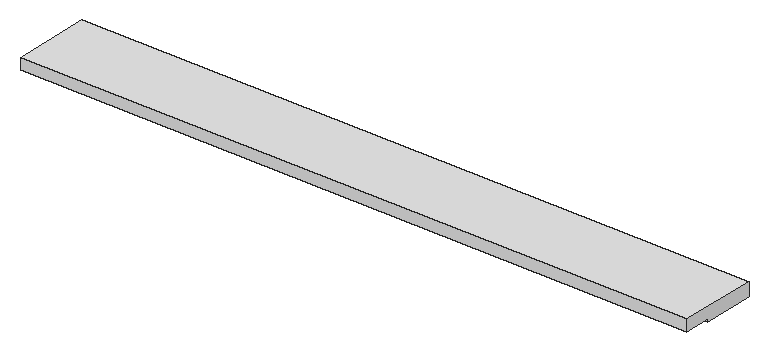
Revit family "11-TRIMBOARD-AND-STEALTH-TRIM-CADS-123-Trim-with-Flg-Slot-6-4-REVIT_Versatex-Generic-Model-5-4in-x-6in-TRIM-w-FLANGE", category Generic Models, host Face, Revit 2026
Family settings
  Host = Face
  Can host rebar = No
  Round Connector Dimension = Use Diameter
  Part Type = Normal
  Cut with Voids When Loaded = No
  Maintain Annotation Orientation = No
  Shared = No
  Room Calculation Point = No
Parameters
  Model = "NFTBSM/TR540618"
  Length = 4' - 0"
  Warranty = "https://versatex.com/warranty/"
  URL = "https://versatex.com/"
  Specification = "https://www.arcat.com/company/versatex-45716/spec?coid=45716"
  Sales Information = "https://versatex.com/dealer-locator/"
  Message Manufacturer = "https://versatex.com/contact/"
  Material = Versatex PVC - Smooth
  Manufacturer Website = "https://versatex.com/"
  Manufacturer Phone = "724-857-1111"
  Manufacturer Fax = "724-857-1171"
  Manufacturer Address = "400 Steel Street, Aliquippa, PA 15001"
  Manufacturer = "Versatex"
  Literature = "https://versatex.com/literature/?_sft_literature_category=cads"
  Description = "NOMINAL 5/4\" X 6\" TRIM W/ FLANGE SLOT"
  Default Elevation = 4' - 0"
  Copyright = "© 2024 VERSATEX Building Products, LLC"
Reference planes (in)
  plane 1 "Center (Front/Back)": y = 0
  plane 2: z = 0
  plane 3 "Center (Left/Right)": x = 0
  plane 4: x = 24
  plane 5: x = -24
Forms (in)
  Sweep 1, solid, material "Versatex PVC - Smooth" <- "Material"
    path origin (0, 0, 0) x (1, 0, 0) y (0, 1, 0)
      loop
        line (-24, 0) -> (24, 0)
    profile "Versatex_Profile_5-4” x 6” TRIM w FLANGE : Versatex_Profile_5-4” x 6” TRIM w FLANGE" origin (0, 0, 0) x (0, 1, 0) y (0, 0, 1)
      loop
        line (5.5, 0) -> (5.5, 1) -> (0, 1) -> (0, 0.1875) -> (1.875, 0.1875) -> (1.875, 0) -> (5.5, 0)
Dimensions and locks (in)
  "Length": plane 5 to plane 4
  equal spacing: plane 5, plane 3 "Center (Left/Right)", plane 4, locked at 24 each
  aligned and locked: plane 2 to host face
  aligned and locked: level to host face
Automatic sketch dimensions
  host sketch curve to host sketch curve = 8' - 0"  (x2)
  plane 1 "Center (Front/Back)" to Sweep 1 sketch curve = 0' - 0"
  Sweep 1 sketch curve to plane 5 = 0' - 0"
  Sweep 1 sketch curve to plane 4 = 0' - 0"
